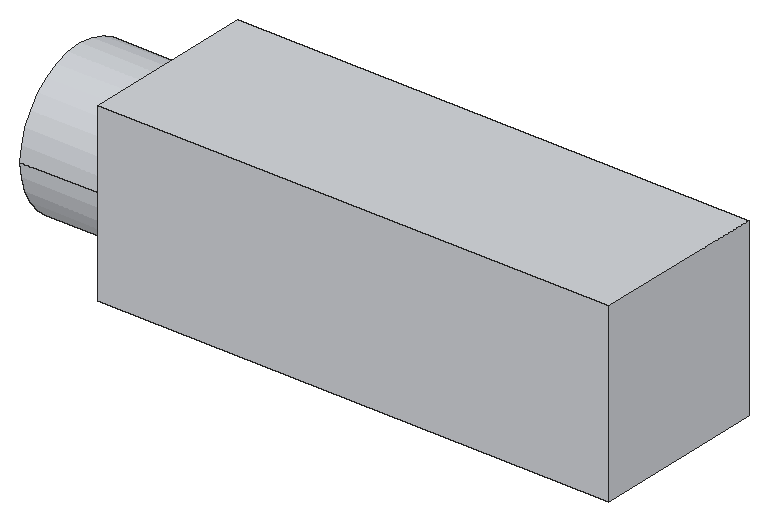
Revit family "M_Corpo do conduíte - Tipo E - PVC", category Conexões do conduite, Revit 2019
Family settings
  Cota do conector redondo = Usar raio
  Tipo de parte = Cobertura
  Número OmniClass = 23.80.30.17.11
  Título OmniClass = Conduits
  ID de item do Seek = Conduit Body - Type E - PVC-0000-CAN-ENU
  Com base no plano de trabalho = Não
  Sempre na vertical = Sim
  Corte com vazios quando carregada = Não
  Compartilhado = Não
Parameters (values of type "Padrão")
  Comprimento total [instance] = size_lookup(Pesquisa de tamanho de conduite, "TLgt", 3.59 * Diâmetro nominal + 75.902 mm, Diâmetro nominal)  # 110.16 mm
  Raio nominal [instance] = 8 mm
  Diâmetro nominal [instance] = Raio nominal * 2  # 16 mm
  Raio externo da conexão [instance] = Diâmetro externo da conexão * 0.5  # 13.716 mm
  Diâmetro externo da conexão [instance] = size_lookup(Pesquisa de tamanho de conduite, "FOD", 1.14 * Diâmetro nominal + 12.7 mm, Diâmetro nominal)  # 27.432 mm
  Pesquisa de tamanho de conduite = "M_Conduit Body - Type E - PVC"
  Comprimento do conduíte [instance] = size_lookup(Pesquisa de tamanho de conduite, "CLgt", 0.46 * Diâmetro nominal + 11.41 mm, Diâmetro nominal)  # 16.231 mm
  Largura do corpo do conduíte [instance] = size_lookup(Pesquisa de tamanho de conduite, "CBW", 1.34 * Diâmetro nominal + 15.28 mm, Diâmetro nominal)  # 32.207 mm
Reference planes
  plane 1 "Centro (Frente/Trás)": y = 0
  plane 2: z = 0
  plane 3 "Centro (Esquerda/Direita)": x = 0
  plane 4: y = 16.104
  plane 5: y = -16.104
  plane 6: z = 16.104
  plane 7: z = -16.104
  plane 8: x = 16.231
  plane 9: x = 110.16
Forms (mm)
  Extrusion 1, solid
    sketch origin (0, 0, 0) x (1, 0, 0) y (0, 1, 0)
      loop
        line (16.231, 16.104) -> (16.231, -16.104) -> (110.16, -16.104) -> (110.16, 16.104) -> (16.231, 16.104)
    from -16.104 to 16.104
  Extrusion 2, solid, detail levels fine
    sketch origin (0, 0, 0) x (0, 1, 0) y (0, 0, 1)
      loop
        circle (0, 0) r 13.716
    from 0 to 16.231
Lines and regions (mm)
  model lines, detail levels coarse+medium
    curve 1: line (0, 0, 0) -> (16.231, 0, 0)
Dimensions and locks
  equal spacing: plane 4, plane 1 "Centro (Frente/Trás)", plane 5
  "Largura do corpo do conduíte": plane 4 to plane 5
  equal spacing: plane 6, plane 2, plane 7
  "Largura do corpo do conduíte": plane 6 to plane 7
  "Comprimento do conduíte": plane 3 "Centro (Esquerda/Direita)" to plane 8
  "Comprimento total": plane 3 "Centro (Esquerda/Direita)" to plane 9
  "Raio externo da conexão": radius of Extrusion 2 sketch curve
  aligned and locked: plane 8 to Extrusion 1 sketch curve
  aligned and locked: Extrusion 1 sketch curve to plane 9
  aligned and locked: Extrusion 1 sketch curve to plane 4
  aligned and locked: plane 5 to Extrusion 1 sketch curve
  aligned and locked: Extrusion 1 to plane 7
  aligned and locked: plane 6 to Extrusion 1
  aligned and locked: plane 2 to Extrusion 2 sketch curve
  aligned and locked: plane 1 "Centro (Frente/Trás)" to Extrusion 2 sketch curve
  aligned and locked: Extrusion 2 to plane 3 "Centro (Esquerda/Direita)"
  aligned and locked: plane 8 to Extrusion 2
  aligned and locked: plane 3 "Centro (Esquerda/Direita)" to curve 1
  aligned and locked: plane 8 to curve 1
  aligned and locked: plane 1 "Centro (Frente/Trás)" to curve 1
Connectors
  cabletrayconduit at (0, 0, 0), diameter 16, driven by "Raio nominal"
    settings: on Extrusion 2, index 1, connector width 304.8 mm, connector height 304.8 mm, connector angle 0.00°, system type 32, placement type 0, profile type 0, connector reference index -1, is primary connector yes, connector utility param no, connector description ""
